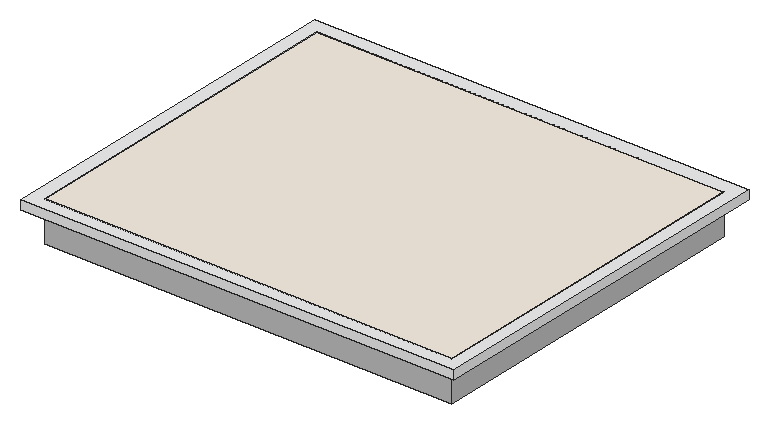
Revit family "Lighting-Industriale-GEWISS-ELIA-HL-LED_RIFLETTORE", category Apparecchi per illuminazione, host Superficie, Revit 2019 (continued)
Types (12, lengths in mm): name | Tensione | Scheda Tecnica | Potenza di sistema | Peso (kg): | Peso (kg) | Ottica | built-in parameter 1150142 | Lumen output (lm) | Modello | IDT | File diagramma fotometrico | Description
    \r\n609.03 569.08 531.25 495.72 461.89 429.42 398.39 368.73 \r\n340.25 313.14 287.05 261.20 236.47 213.52 191.84 171.45 \r\n152.32 134.63 118.17 102.77 88.40 74.87 62.33 50.81 40.41 \r\n31.11 23.21 17.09 12.44 9.16 7.02 5.71 5.34 \r\n4943.60 4943.60 4944.45 4944.45 4946.15 4947.00 4948.70 \r\n4950.40 4952.10 4953.80 4955.50 4958.90 4962.30 4964.85 \r\n4968.25 4972.50 4976.75 4981.00 4985.25 4990.35 4994.60 \r\n4999.70 5005.65 5010.75 5015.85 5020.95 5026.05 5031.15 \r\n5036.25 5041.35 5046.45 5052.40 5057.50 5063.45 5069.40 \r\n5075.35 5081.30 5087.25 5094.05 5099.15 5105.95 5112.75 \r\n5118.70 5125.50 5132.30 5138.25 5145.90 5152.70 5160.35 \r\n5167.15 5174.80 5182.45 5189.25 5196.05 5203.70 5210.50 \r\n5217.30 5223.25 5230.05 5235.15 5239.40 5244.50 5247.90 \r\n5251.30 5253.85 5254.70 5256.40 5256.40 5255.55 5254.70 \r\n5253.00 5250.45 5247.05 5242.80 5237.70 5230.90 5223.25 \r\n5213.90 5203.70 5191.80 5179.90 5165.45 5150.15 5134.00 \r\n5117.00 5099.15 5078.75 5057.50 5035.40 5010.75 4985.25 \r\n4957.20 4925.75 4893.45 4856.05 4812.70 4762.55 4708.15 \r\n4648.65 4583.20 4514.35 4443.80 4371.55 4296.75 4217.70 \r\n4132.70 4042.60 3947.40 3844.55 3736.60 3624.40 3511.35 \r\n3399.15 3288.65 3180.70 3073.60 2969.90 2870.45 2771.00 \r\n2672.40 2573.80 2477.75 2383.40 2292.45 2202.35 2114.80 \r\n2028.10 1943.10 1859.80 1778.20 1698.98 1621.29 1546.15 \r\n1472.71 1401.82 1335.01 1269.98 1204.88 1140.95 1079.59 \r\n1019.58 959.91 901.85 846.60 793.73 743.50 695.98 651.44 \r\n609.37 569.33 531.50 495.81 461.98 429.59 398.56 368.90 \r\n340.42 313.14 286.96 261.20 236.55 213.60 192.01 171.67 \r\n152.52 134.90 118.46 102.99 88.53 75.00 62.47 50.92 40.49 \r\n31.21 23.32 17.18 12.50 9.22 7.07 5.75 5.34 \r\n4943.60 4943.60 4944.45 4944.45 4946.15 4947.00 4947.85 \r\n4950.40 4952.10 4953.80 4956.35 4958.90 4962.30 4964.85 \r\n4969.10 4972.50 4976.75 4981.85 4986.10 4990.35 4996.30 \r\n5000.55 5005.65 5010.75 5015.85 5020.95 5026.05 5031.15 \r\n5036.25 5041.35 5047.30 5052.40 5058.35 5063.45 5069.40 \r\n5075.35 5081.30 5088.10 5094.05 5100.00 5105.95 5112.75 \r\n5119.55 5125.50 5132.30 5139.10 5146.75 5153.55 5161.20 \r\n5168.85 5176.50 5183.30 5190.95 5197.75 5204.55 5211.35 \r\n5218.15 5224.95 5230.90 5236.00 5241.10 5245.35 5248.75 \r\n5252.15 5254.70 5256.40 5256.40 5256.40 5256.40 5255.55 \r\n5253.85 5251.30 5247.90 5243.65 5238.55 5231.75 5224.10 \r\n5214.75 5203.70 5192.65 5179.90 5166.30 5151.00 5134.85 \r\n5117.85 5100.00 5079.60 5058.35 5036.25 5012.45 4986.95 \r\n4958.90 4927.45 4895.15 4856.90 4812.70 4763.40 4707.30 \r\n4647.80 4582.35 4513.50 4442.95 4370.70 4295.90 4217.70 \r\n4132.70 4042.60 3946.55 3844.55 3735.75 3623.55 3510.50 \r\n3397.45 3288.65 3180.70 3074.45 2969.90 2869.60 2771.00 \r\n2671.55 2573.80 2477.75 2384.25 2292.45 2203.20 2114.80 \r\n2028.10 1943.10 1859.80 1778.20 1698.56 1621.63 1546.66 \r\n1473.98 1403.69 1336.88 1271.69 1205.98 1141.55 1079.92 \r\n1019.75 959.99 901.93 846.68 793.99 743.75 696.24 651.70 \r\n609.62 569.50 531.59 495.89 461.98 429.67 398.82 368.98 \r\n340.51 313.14 286.88 261.20 236.64 213.77 192.19 171.79 \r\n152.70 135.13 118.73 103.19 88.63 75.11 62.61 51.03 40.57 \r\n31.31 23.44 17.27 12.57 9.28 7.12 5.78 5.35 \r\n4943.60 4943.60 4944.45 4945.30 4946.15 4946.15 4947.85 \r\n4949.55 4952.10 4953.80 4956.35 4958.90 4962.30 4964.85 \r\n4969.10 4973.35 4976.75 4981.85 4986.10 4991.20 4996.30 \r\n5001.40 5006.50 5011.60 5017.55 5022.65 5026.90 5032.00 \r\n5037.10 5043.05 5048.15 5053.25 5059.20 5063.45 5069.40 \r\n5075.35 5082.15 5088.10 5094.05 5100.85 5105.95 5112.75 \r\n5119.55 5126.35 5132.30 5139.10 5146.75 5155.25 5162.05 \r\n5169.70 5177.35 5185.00 5191.80 5199.45 5206.25 5213.05 \r\n5220.70 5226.65 5232.60 5236.85 5241.95 5247.05 5250.45 \r\n5253.85 5255.55 5256.40 5258.10 5258.10 5258.10 5256.40 \r\n5254.70 5253.00 5248.75 5243.65 5238.55 5232.60 5224.95 \r\n5214.75 5203.70 5192.65 5180.75 5166.30 5151.85 5134.85 \r\n5117.85 5100.85 5080.45 5059.20 5037.10 5013.30 4986.95 \r\n4959.75 4928.30 4896.00 4857.75 4812.70 4762.55 4708.15 \r\n4646.95 4581.50 4512.65 4441.25 4369.85 4295.05 4216.85 \r\n4132.70 4041.75 3946.55 3844.55 3734.90 3622.70 3509.65 \r\n3396.60 3286.95 3180.70 3074.45 2970.75 2869.60 2771.00 \r\n2672.40 2574.65 2477.75 2384.25 2292.45 2203.20 2114.80 \r\n2028.10 1943.10 1859.80 1779.05 1698.98 1621.88 1547.26 \r\n1475.26 1405.73 1338.75 1273.13 1206.83 1141.89 1080.10 \r\n1019.91 959.99 901.93 846.68 793.99 743.84 696.49 651.95 \r\n609.79 569.67 531.67 495.89 461.98 429.76 398.99 369.15 \r\n340.51 313.06 286.62 261.04 236.73 213.77 192.27 171.87 \r\n152.83 135.32 118.96 103.33 88.71 75.20 62.72 51.12 40.63 \r\n31.40 23.55 17.37 12.63 9.33 7.17 5.80 5.35 \r\n4943.60 4943.60 4944.45 4945.30 4946.15 4947.00 4947.85 \r\n4949.55 4952.10 4953.80 4956.35 4958.90 4962.30 4964.85 \r\n4969.10 4973.35 4976.75 4981.85 4986.95 4991.20 4996.30 \r\n5001.40 5006.50 5012.45 5017.55 5022.65 5027.75 5032.85 \r\n5037.95 5043.05 5048.15 5053.25 5059.20 5065.15 5069.40 \r\n5076.20 5082.15 5088.10 5094.05 5100.85 5106.80 5112.75 \r\n5119.55 5126.35 5133.15 5140.80 5147.60 5155.25 5162.90 \r\n5170.55 5177.35 5185.85 5193.50 5200.30 5207.10 5214.75 \r\n5221.55 5228.35 5233.45 5238.55 5242.80 5247.90 5251.30 \r\n5253.85 5255.55 5258.10 5258.10 5258.95 5258.10 5257.25 \r\n5255.55 5253.00 5249.60 5245.35 5239.40 5232.60 5224.10 \r\n5215.60 5204.55 5193.50 5181.60 5167.15 5151.00 5135.70 \r\n5118.70 5100.85 5081.30 5060.05 5037.95 5013.30 4987.80 \r\n4961.45 4930.00 4896.85 4858.60 4813.55 4763.40 4707.30 \r\n4646.10 4579.80 4510.95 4440.40 4369.00 4295.05 4216.85 \r\n4132.70 4041.75 3945.70 3843.70 3734.05 3621.85 3507.95 \r\n3396.60 3286.95 3180.70 3074.45 2970.75 2870.45 2771.00 \r\n2672.40 2574.65 2478.60 2384.25 2292.45 2202.35 2114.80 \r\n2028.95 1943.95 1860.65 1779.05 1699.06 1622.14 1547.77 \r\n1476.45 1407.43 1340.45 1274.40 1207.68 1142.14 1080.10 \r\n1019.91 959.91 901.68 846.51 793.90 743.84 696.41 651.87 \r\n609.88 569.67 531.67 495.81 461.89 429.76 399.08 369.24 \r\n340.51 312.88 286.45 260.95 236.64 213.77 192.27 171.96 \r\n152.91 135.47 119.15 103.45 88.74 75.26 62.81 51.19 40.68 \r\n31.48 23.67 17.46 12.69 9.38 7.20 5.83 5.36 \r\n4943.60 4943.60 4944.45 4945.30 4946.15 4947.00 4947.85 \r\n4949.55 4952.10 4953.80 4956.35 4958.90 4962.30 4965.70 \r\n4969.10 4973.35 4976.75 4981.85 4986.95 4992.05 4996.30 \r\n5001.40 5007.35 5012.45 5017.55 5022.65 5027.75 5032.85 \r\n5038.80 5043.05 5048.15 5054.10 5059.20 5065.15 5070.25 \r\n5076.20 5082.15 5088.10 5094.05 5100.85 5106.80 5112.75 \r\n5119.55 5126.35 5133.15 5140.80 5147.60 5156.10 5163.75 \r\n5171.40 5179.05 5186.70 5194.35 5202.00 5208.80 5216.45 \r\n5223.25 5229.20 5234.30 5239.40 5244.50 5248.75 5251.30 \r\n5254.70 5257.25 5258.10 5259.80 5259.80 5259.80 5258.10 \r\n5256.40 5254.70 5250.45 5245.35 5239.40 5233.45 5224.95 \r\n5215.60 5204.55 5193.50 5180.75 5167.15 5151.85 5135.70 \r\n5118.70 5100.85 5082.15 5060.90 5038.80 5015.00 4989.50 \r\n4961.45 4931.70 4898.55 4859.45 4814.40 4762.55 4706.45 \r\n4645.25 4578.95 4510.10 4440.40 4368.15 4294.20 4216.00 \r\n4131.85 4040.90 3944.85 3842.00 3734.05 3621.00 3507.95 \r\n3394.90 3286.95 3180.70 3075.30 2971.60 2870.45 2770.15 \r\n2672.40 2574.65 2478.60 2385.10 2292.45 2202.35 2114.80 \r\n2028.95 1943.95 1860.65 1779.05 1699.15 1622.22 1548.11 \r\n1477.47 1408.96 1341.89 1275.51 1208.11 1142.14 1080.01 \r\n1019.66 959.48 901.25 846.17 793.73 743.66 696.24 651.78 \r\n609.79 569.67 531.59 495.63 461.63 429.67 399.08 369.24 \r\n340.42 312.71 286.19 260.78 236.55 213.77 192.27 171.87 \r\n152.94 135.57 119.28 103.52 88.75 75.28 62.87 51.24 40.71 \r\n31.54 23.77 17.55 12.75 9.42 7.24 5.84 5.36 \r\n4943.60 4943.60 4944.45 4945.30 4946.15 4947.00 4947.85 \r\n4949.55 4951.25 4953.80 4956.35 4958.90 4962.30 4965.70 \r\n4969.95 4973.35 4977.60 4981.85 4986.95 4992.05 4997.15 \r\n5003.10 5008.20 5013.30 5018.40 5024.35 5028.60 5033.70 \r\n5038.80 5043.90 5049.00 5054.95 5059.20 5065.15 5070.25 \r\n5076.20 5082.15 5088.10 5094.05 5100.85 5107.65 5112.75 \r\n5120.40 5126.35 5133.15 5141.65 5148.45 5156.10 5163.75 \r\n5172.25 5179.90 5187.55 5195.20 5202.85 5209.65 5217.30 \r\n5224.10 5230.05 5236.00 5240.25 5245.35 5248.75 5253.00 \r\n5255.55 5257.25 5259.80 5260.65 5260.65 5260.65 5258.95 \r\n5257.25 5254.70 5250.45 5246.20 5240.25 5233.45 5224.95 \r\n5215.60 5205.40 5193.50 5180.75 5166.30 5151.85 5136.55 \r\n5119.55 5100.85 5082.15 5061.75 5038.80 5015.85 4990.35 \r\n4963.15 4932.55 4899.40 4860.30 4815.25 4763.40 4705.60 \r\n4644.40 4578.10 4509.25 4439.55 4368.15 4294.20 4216.85 \r\n4131.00 4040.90 3944.00 3842.00 3732.35 3620.15 3507.10 \r\n3394.90 3286.95 3180.70 3075.30 2972.45 2870.45 2771.00 \r\n2672.40 2574.65 2479.45 2385.10 2292.45 2202.35 2113.95 \r\n2028.95 1943.95 1860.65 1779.90 1699.32 1622.39 1548.53 \r\n1478.32 1410.23 1342.91 1276.19 1208.36 1142.06 1079.59 \r\n1019.15 958.97 900.75 845.75 793.30 743.33 695.98 651.53 \r\n609.53 569.41 531.42 495.38 461.38 429.50 399.08 369.15 \r\n340.25 312.46 285.86 260.52 236.38 213.69 192.19 171.87 \r\n152.91 135.60 119.35 103.55 88.71 75.28 62.91 51.26 40.73 \r\n31.60 23.88 17.63 12.80 9.46 7.26 5.86 5.36 \r\n4943.60 4943.60 4944.45 4945.30 4946.15 4947.00 4947.85 \r\n4949.55 4951.25 4953.80 4956.35 4958.90 4962.30 4965.70 \r\n4969.95 4973.35 4978.45 4982.70 4987.80 4992.90 4998.00 \r\n5003.10 5008.20 5013.30 5019.25 5024.35 5029.45 5034.55 \r\n5039.65 5044.75 5049.85 5054.95 5060.05 5065.15 5070.25 \r\n5076.20 5082.15 5088.10 5094.90 5100.85 5107.65 5113.60 \r\n5120.40 5127.20 5134.85 5141.65 5148.45 5156.95 5164.60 \r\n5173.10 5181.60 5189.25 5196.05 5204.55 5211.35 5219.00 \r\n5224.95 5231.75 5236.85 5241.95 5246.20 5250.45 5253.85 \r\n5256.40 5258.10 5259.80 5260.65 5261.50 5260.65 5259.80 \r\n5258.10 5254.70 5252.15 5246.20 5240.25 5233.45 5225.80 \r\n5215.60 5205.40 5193.50 5181.60 5167.15 5151.85 5136.55 \r\n5119.55 5101.70 5083.00 5061.75 5039.65 5016.70 4990.35 \r\n4964.00 4935.10 4900.25 4861.15 4815.25 4764.25 4706.45 \r\n4643.55 4577.25 4508.40 4438.70 4366.45 4293.35 4216.00 \r\n4131.00 4040.05 3943.15 3841.15 3732.35 3620.15 3506.25 \r\n3393.20 3285.25 3180.70 3075.30 2971.60 2870.45 2771.00 \r\n2672.40 2575.50 2479.45 2385.95 2292.45 2202.35 2113.95 \r\n2028.10 1943.95 1860.65 1779.90 1699.15 1622.65 1548.79 \r\n1478.91 1411.17 1343.68 1276.62 1208.36 1141.55 1078.99 \r\n1018.55 958.29 899.98 845.07 792.71 742.73 695.55 651.18 \r\n609.20 568.99 531.00 495.04 461.04 429.25 398.90 368.98 \r\n340.08 312.12 285.52 260.27 236.22 213.52 192.10 171.78 \r\n152.83 135.56 119.36 103.50 88.62 75.23 62.91 51.26 40.73 \r\n31.65 23.95 17.70 12.85 9.49 7.28 5.86 5.36 \r\n4943.60 4943.60 4944.45 4945.30 4945.30 4947.00 4947.85 \r\n4949.55 4951.25 4953.80 4956.35 4959.75 4962.30 4966.55 \r\n4969.95 4973.35 4978.45 4982.70 4987.80 4992.90 4998.00 \r\n5003.10 5008.20 5014.15 5019.25 5024.35 5029.45 5034.55 \r\n5039.65 5044.75 5049.85 5054.95 5060.05 5066.00 5070.25 \r\n5076.20 5082.15 5088.10 5094.05 5100.00 5106.80 5113.60 \r\n5120.40 5127.20 5134.00 5141.65 5149.30 5157.80 5165.45 \r\n5173.95 5181.60 5189.25 5197.75 5204.55 5212.20 5219.00 \r\n5225.80 5231.75 5237.70 5241.95 5247.05 5250.45 5253.85 \r\n5256.40 5258.95 5259.80 5261.50 5262.35 5260.65 5259.80 \r\n5258.10 5254.70 5251.30 5246.20 5240.25 5233.45 5224.95 \r\n5215.60 5205.40 5193.50 5180.75 5167.15 5151.00 5135.70 \r\n5119.55 5101.70 5083.00 5061.75 5039.65 5016.70 4991.20 \r\n4964.85 4935.95 4901.10 4862.00 4816.10 4765.10 4707.30 \r\n4644.40 4577.25 4508.40 4437.85 4366.45 4292.50 4215.15 \r\n4130.15 4039.20 3942.30 3840.30 3731.50 3620.15 3507.10 \r\n3394.05 3286.10 3180.70 3076.15 2973.30 2871.30 2771.85 \r\n2672.40 2575.50 2481.15 2386.80 2294.15 2203.20 2115.65 \r\n2028.95 1944.80 1862.35 1779.90 1700.34 1623.24 1548.87 \r\n1478.23 1409.72 1341.81 1274.57 1206.32 1139.60 1077.03 \r\n1016.60 956.42 898.11 843.12 790.84 741.03 693.94 649.66 \r\n607.75 567.80 529.80 493.94 460.02 428.40 398.06 368.22 \r\n339.40 311.61 285.00 259.68 235.53 213.01 191.76 171.45 \r\n152.34 135.06 118.88 103.09 88.28 74.95 62.70 51.10 40.62 \r\n31.59 23.95 17.73 12.89 9.50 7.26 5.84 5.35 \r\n4943.60 4943.60 4944.45 4945.30 4945.30 4947.00 4947.85 \r\n4949.55 4951.25 4953.80 4956.35 4959.75 4962.30 4966.55 \r\n4969.95 4973.35 4978.45 4983.55 4987.80 4992.90 4998.00 \r\n5003.95 5009.90 5015.00 5020.10 5024.35 5029.45 5035.40 \r\n5040.50 5044.75 5049.85 5054.95 5060.05 5066.00 5070.25 \r\n5076.20 5081.30 5088.10 5094.05 5100.00 5106.80 5113.60 \r\n5120.40 5127.20 5134.00 5141.65 5149.30 5157.80 5165.45 \r\n5174.80 5182.45 5190.95 5197.75 5206.25 5213.05 5220.70 \r\n5227.50 5233.45 5238.55 5243.65 5247.05 5251.30 5254.70 \r\n5257.25 5258.95 5261.50 5261.50 5262.35 5261.50 5259.80 \r\n5258.10 5254.70 5251.30 5246.20 5239.40 5231.75 5224.95 \r\n5214.75 5203.70 5192.65 5180.75 5166.30 5151.00 5135.70 \r\n5118.70 5100.85 5082.15 5061.75 5039.65 5016.70 4992.90 \r\n4966.55 4935.95 4901.95 4862.85 4816.95 4765.95 4708.15 \r\n4645.25 4577.25 4506.70 4437.00 4365.60 4292.50 4214.30 \r\n4128.45 4037.50 3940.60 3838.60 3731.50 3621.00 3507.95 \r\n3394.90 3286.95 3180.70 3076.15 2974.15 2872.15 2772.70 \r\n2674.10 2576.35 2481.15 2386.80 2294.15 2204.05 2115.65 \r\n2029.80 1944.80 1862.35 1780.75 1700.85 1623.76 1548.79 \r\n1477.30 1407.86 1339.60 1272.11 1203.94 1137.38 1074.91 \r\n1014.47 954.29 896.16 841.08 788.72 739.16 692.24 648.04 \r\n606.22 566.27 528.45 492.75 459.00 427.30 397.12 367.37 \r\n338.64 310.93 284.41 259.00 234.94 212.59 191.42 171.02 \r\n151.80 134.50 118.35 102.62 87.89 74.65 62.47 50.93 40.49 \r\n31.54 23.94 17.75 12.92 9.51 7.24 5.82 5.35 \r\n4943.60 4943.60 4943.60 4945.30 4945.30 4947.00 4947.85 \r\n4949.55 4951.25 4953.80 4956.35 4959.75 4963.15 4966.55 \r\n4969.95 4974.20 4978.45 4983.55 4988.65 4993.75 4998.85 \r\n5004.80 5009.90 5015.00 5020.10 5025.20 5031.15 5036.25 \r\n5041.35 5045.60 5049.85 5054.95 5060.90 5066.00 5071.10 \r\n5077.05 5082.15 5088.10 5094.05 5100.85 5106.80 5113.60 \r\n5119.55 5127.20 5134.00 5142.50 5149.30 5157.80 5166.30 \r\n5174.80 5183.30 5190.95 5199.45 5206.25 5213.90 5220.70 \r\n5227.50 5233.45 5238.55 5243.65 5247.90 5252.15 5254.70 \r\n5257.25 5259.80 5261.50 5262.35 5262.35 5261.50 5259.80 \r\n5258.10 5254.70 5250.45 5245.35 5239.40 5231.75 5223.25 \r\n5214.75 5203.70 5192.65 5179.05 5166.30 5151.00 5134.85 \r\n5117.85 5100.85 5081.30 5060.90 5039.65 5017.55 4992.90 \r\n4966.55 4936.80 4902.80 4863.70 4817.80 4766.80 4709.85 \r\n4646.10 4578.10 4507.55 4437.00 4365.60 4291.65 4214.30 \r\n4128.45 4036.65 3938.90 3837.75 3730.65 3621.85 3508.80 \r\n3395.75 3287.80 3181.55 3077.00 2973.30 2872.15 2772.70 \r\n2674.10 2577.20 2482.00 2388.50 2295.85 2204.90 2116.50 \r\n2030.65 1944.80 1862.35 1780.75 1702.55 1624.35 1548.79 \r\n1476.19 1405.73 1337.13 1269.56 1201.47 1135.09 1072.62 \r\n1012.26 952.25 894.03 839.03 786.67 737.21 690.46 646.34 \r\n604.61 564.83 527.17 491.56 457.89 426.27 396.10 366.44 \r\n337.88 310.33 283.90 258.40 234.26 212.07 191.08 170.51 \r\n151.23 133.92 117.78 102.13 87.49 74.32 62.22 50.74 40.37 \r\n31.47 23.92 17.77 12.95 9.52 7.22 5.79 5.34 \r\n4943.60 4943.60 4943.60 4945.30 4945.30 4947.00 4947.85 \r\n4949.55 4951.25 4953.80 4956.35 4959.75 4962.30 4966.55 \r\n4969.95 4974.20 4978.45 4983.55 4988.65 4993.75 4998.85 \r\n5004.80 5009.90 5015.00 5020.10 5026.05 5031.15 5036.25 \r\n5041.35 5046.45 5050.70 5055.80 5060.90 5066.00 5071.10 \r\n5077.05 5082.15 5088.10 5094.05 5100.85 5105.95 5112.75 \r\n5119.55 5126.35 5134.85 5141.65 5150.15 5158.65 5166.30 \r\n5174.80 5184.15 5192.65 5199.45 5207.95 5214.75 5221.55 \r\n5228.35 5234.30 5239.40 5244.50 5248.75 5253.00 5255.55 \r\n5258.10 5259.80 5261.50 5262.35 5262.35 5261.50 5259.80 \r\n5258.10 5254.70 5250.45 5245.35 5237.70 5230.90 5223.25 \r\n5213.05 5202.85 5190.95 5179.05 5164.60 5150.15 5134.85 \r\n5117.85 5100.00 5081.30 5060.90 5039.65 5017.55 4992.90 \r\n4967.40 4938.50 4903.65 4864.55 4818.65 4767.65 4709.85 \r\n4646.95 4578.95 4507.55 4437.00 4364.75 4291.65 4212.60 \r\n4126.75 4034.10 3938.05 3836.90 3730.65 3622.70 3509.65 \r\n3397.45 3288.65 3181.55 3077.00 2974.15 2873.00 2773.55 \r\n2674.95 2577.20 2482.00 2389.35 2296.70 2205.75 2117.35 \r\n2030.65 1945.65 1862.35 1781.60 1702.55 1624.86 1548.62 \r\n1475.01 1403.61 1334.59 1266.84 1198.93 1132.80 1070.40 \r\n1010.05 950.13 891.99 836.83 784.55 735.25 688.67 644.55 \r\n602.91 563.29 525.73 490.28 456.79 425.25 395.08 365.58 \r\n337.02 309.74 283.39 257.81 233.58 211.56 190.66 170.10 \r\n150.65 133.31 117.21 101.63 87.
